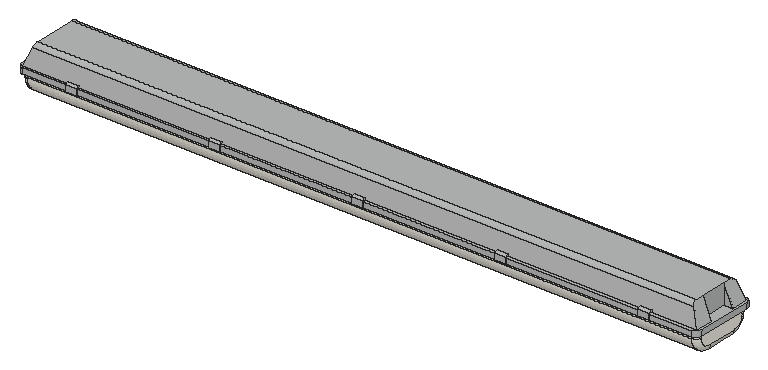
Revit family "SLIM", category Осветительные приборы, Revit 2019 (continued)
Types (5, lengths in mm): name | Файл фотометрической сетки | built-in parameter 1150142 | ADSK_Обозначение | ADSK_Наименование | ADSK_Код изделия
    5 1346.876 1330.587 1312.100 1290.915 1268.730 1243.847 1217.865 1189.884 1161.503 1131.024 1097.447 1061.972 \r\n1026.096 987.223 947.650 907.578 864.707 823.036 779.865 735.196 695.323 655.450 616.577 576.904 537.032 497.159 456.787 415.115 373.744 333.471 290.801 252.427 215.352 180.876 \r\n148.298 119.518 94.835 74.849 60.658 50.965 46.668 42.771 39.573 35.975 33.077 30.279 27.781 25.582 23.584 21.685 20.086 18.487 17.088 15.789 5.896 5.396 4.897 4.397 3.997 3.598 3.298 2.998 \r\n2.698 2.398 2.198 1.799 1.299 0.899 0.400 0.000 \r\n1407.335 1402.638 1395.243 1385.850 1376.356 1363.965 1348.475 1332.386 1314.099 1293.113 1270.928 1246.245 1220.563 1193.082 1165.001 1134.822 1101.545 1066.469 \r\n1030.793 992.120 952.846 913.074 870.403 828.931 785.761 741.092 701.119 661.346 622.573 583.300 543.727 504.054 463.682 421.811 380.339 339.767 297.096 258.423 221.048 186.372 \r\n153.595 124.515 99.732 79.446 64.955 54.862 50.266 45.968 42.371 38.574 35.376 32.478 29.780 27.381 25.183 23.184 21.385 19.786 18.188 16.788 7.095 6.396 5.796 5.296 4.797 4.397 3.997 3.598 \r\n3.298 2.898 2.598 2.099 1.599 0.999 0.500 0.000 \r\n1407.335 1402.638 1395.343 1386.249 1377.155 1365.164 1349.974 1334.185 1316.097 1295.212 1273.127 1248.544 1223.261 1196.180 1168.499 1138.619 1105.642 1070.866 \r\n1035.490 997.016 957.943 918.470 876.099 834.827 791.657 747.088 706.915 667.242 628.569 589.596 550.323 510.850 470.577 428.606 386.935 346.163 303.292 264.319 226.744 191.868 \r\n158.791 129.611 104.528 84.142 69.253 58.860 53.763 49.166 45.269 41.172 37.774 34.576 31.778 29.180 26.882 24.683 22.784 20.986 19.387 17.888 8.294 7.495 6.795 6.196 5.596 5.097 4.597 4.197 \r\n3.797 3.398 3.098 2.398 1.799 1.199 0.600 0.000 \r\n1407.335 1402.638 1395.443 1386.749 1378.055 1366.463 1351.473 1335.984 1318.096 1297.410 1275.425 1250.942 1225.959 1199.277 1171.996 1142.416 1109.839 1075.362 \r\n1040.187 1002.013 963.139 923.966 881.795 840.623 797.653 753.084 712.711 673.138 634.565 595.991 557.018 517.745 477.473 435.401 393.530 352.558 309.488 270.215 232.441 197.365 \r\n164.087 134.708 109.425 88.739 73.550 62.757 57.361 52.364 48.167 43.770 40.172 36.775 33.677 30.979 28.480 26.182 24.183 22.285 20.586 18.987 9.394 8.594 7.795 7.095 6.396 5.796 5.296 4.797 \r\n4.397 3.897 3.498 2.798 2.099 1.399 0.700 0.000 \r\n1407.335 1402.638 1395.543 1387.149 1378.854 1367.662 1352.972 1337.683 1320.095 1299.609 1277.624 1253.340 1228.657 1202.475 1175.494 1146.214 1113.936 1079.759 \r\n1044.883 1006.909 968.336 929.463 887.591 846.519 803.549 758.979 718.607 678.934 640.661 602.387 563.613 524.640 484.468 442.197 400.026 358.954 315.783 276.211 238.237 202.861 \r\n169.384 139.704 114.322 93.336 77.847 66.754 60.858 55.562 50.965 46.368 42.471 38.873 35.676 32.778 30.179 27.781 25.582 23.584 21.785 19.986 10.593 9.593 8.794 7.995 7.295 6.595 5.996 5.396 \r\n4.897 4.397 3.897 3.198 2.398 1.599 0.799 0.000 \r\n1407.335 1402.638 1395.643 1387.548 1379.654 1368.861 1354.471 1339.481 1322.093 1301.707 1279.922 1255.739 1231.256 1205.573 1178.991 1150.011 1118.133 1084.256 \r\n1049.680 1011.806 973.532 934.859 893.287 852.415 809.445 764.975 724.403 684.830 646.656 608.683 570.209 531.535 491.363 448.892 406.621 365.249 321.979 282.107 243.933 208.257 \r\n174.580 144.801 119.118 97.933 82.144 70.751 64.356 58.760 53.863 48.966 44.869 41.072 37.574 34.576 31.778 29.280 26.981 24.883 22.884 21.086 11.792 10.693 9.693 8.894 8.094 7.295 6.595 \r\n5.996 5.396 4.897 4.397 3.498 2.598 1.799 0.899 0.000 \r\n1407.335 1402.638 1395.743 1388.048 1380.553 1370.060 1355.970 1341.280 1323.992 1303.906 1282.121 1258.037 1233.954 1208.771 1182.389 1153.809 1122.230 1088.753 \r\n1054.377 1016.703 978.629 940.355 898.983 858.211 815.341 770.871 730.199 690.726 652.652 615.078 576.904 538.431 498.258 455.687 413.217 371.645 328.175 288.002 249.629 213.753 \r\n179.877 149.797 124.015 102.630 86.441 74.649 67.953 61.958 56.761 51.565 47.168 43.170 39.573 36.375 33.377 30.779 28.381 26.082 24.083 22.185 12.991 11.792 10.693 9.793 8.894 7.995 7.295 \r\n6.595 5.996 5.396 4.797 3.897 2.898 1.899 0.999 0.000 \r\n1407.335 1402.638 1395.843 1388.448 1381.353 1371.260 1357.469 1343.079 1325.991 1306.104 1284.419 1260.436 1236.652 1211.869 1185.887 1157.606 1126.427 1093.150 \r\n1059.074 1021.699 983.825 945.851 904.680 864.107 821.337 776.867 736.095 696.622 658.748 621.374 583.500 545.326 505.154 462.483 419.812 378.041 334.471 293.898 255.325 219.250 \r\n185.173 154.894 128.812 107.226 90.738 78.646 71.451 65.155 59.659 54.163 49.566 45.369 41.571 38.174 35.076 32.278 29.780 27.381 25.183 23.184 14.190 12.791 11.692 10.693 9.693 8.794 7.995 \r\n7.195 6.496 5.896 5.296 4.197 3.198 2.099 0.999 0.000 \r\n1407.335 1402.738 1396.043 1388.847 1382.152 1372.559 1358.968 1344.778 1327.989 1308.203 1286.618 1262.834 1239.350 1214.967 1189.384 1161.403 1130.525 1097.647 \r\n1063.770 1026.596 989.022 951.248 910.376 870.003 827.233 782.863 741.891 702.518 664.744 627.769 590.195 552.221 512.049 469.278 426.408 384.336 340.666 299.894 261.021 224.746 \r\n190.469 159.890 133.708 111.823 95.035 82.543 75.049 68.253 62.457 56.761 51.964 47.467 43.470 39.973 36.775 33.777 31.179 28.680 26.382 24.283 15.389 13.890 12.691 11.592 10.493 9.493 \r\n8.594 7.795 7.095 6.396 5.696 4.597 3.398 2.298 1.099 0.000 \r\n1407.335 1402.738 1396.142 1389.247 1383.051 1373.758 1360.467 1346.576 1329.988 1310.401 1288.916 1265.232 1241.948 1218.165 1192.882 1165.201 1134.722 1102.044 \r\n1068.467 1031.493 994.118 956.744 916.172 875.799 833.129 788.759 747.687 708.414 670.740 634.165 596.791 559.017 519.044 476.073 432.903 390.732 346.862 305.790 266.717 230.242 \r\n195.666 164.987 138.505 116.520 99.332 86.541 78.546 71.451 65.355 59.359 54.263 49.566 45.469 41.771 38.374 35.276 32.578 29.979 27.581 25.283 16.489 14.990 13.591 12.491 11.292 10.193 \r\n9.294 8.394 7.595 6.895 6.096 4.897 3.697 2.398 1.199 0.000 \r\n1407.335 1402.738 1396.242 1389.747 1383.851 1374.957 1361.966 1348.375 1331.986 1312.600 1291.115 1267.531 1244.646 1221.262 1196.379 1168.998 1138.819 1106.541 \r\n1073.264 1036.489 999.315 962.140 921.868 881.695 839.025 794.755 753.483 714.310 676.736 640.461 603.486 565.912 525.939 482.769 439.499 397.128 353.158 311.686 272.413 235.638 \r\n200.962 170.083 143.402 121.117 103.629 90.438 82.144 74.649 68.253 61.958 56.661 51.764 47.368 43.570 39.973 36.775 33.977 31.179 28.780 26.382 17.688 16.089 14.590 13.391 12.092 10.992 \r\n9.893 8.994 8.194 7.395 6.595 5.296 3.897 2.598 1.299 0.000 \r\n1407.335 1402.738 1396.342 1390.147 1384.750 1376.156 1363.465 1350.074 1333.985 1314.698 1293.413 1269.929 1247.345 1224.460 1199.877 1172.796 1143.016 1111.038 \r\n1077.961 1041.386 1004.511 967.636 927.564 887.591 844.921 800.751 759.379 720.106 682.832 646.856 610.082 572.807 532.835 489.564 446.094 403.423 359.354 317.582 278.109 241.135 \r\n206.259 175.080 148.198 125.714 107.926 94.435 85.641 77.847 71.051 64.556 58.960 53.863 49.366 45.269 41.671 38.374 35.376 32.478 29.880 27.481 18.887 17.088 15.589 14.190 12.891 11.692 \r\n10.593 9.593 8.694 7.795 6.995 5.596 4.197 2.798 1.399 0.000 \r\n1407.335 1402.738 1396.442 1390.546 1385.550 1377.455 1365.064 1351.873 1335.984 1316.897 1295.611 1272.327 1250.043 1227.558 1203.375 1176.593 1147.113 1115.435 \r\n1082.657 1046.282 1009.708 973.133 933.260 893.387 850.916 806.647 765.175 726.002 688.828 653.252 616.677 579.702 539.730 496.360 452.690 409.819 365.549 323.578 283.805 246.631 \r\n211.455 180.176 153.095 130.411 112.223 98.432 89.139 81.044 73.949 67.154 61.358 56.062 51.365 47.068 43.270 39.873 36.775 33.777 31.079 28.480 20.086 18.188 16.589 15.090 13.691 12.392 \r\n11.292 10.193 9.194 8.294 7.395 5.996 4.497 2.998 1.499 0.000 \r\n1407.335 1402.738 1396.542 1391.046 1386.349 1378.654 1366.563 1353.672 1337.982 1319.095 1297.910 1274.726 1252.741 1230.756 1206.872 1180.390 1151.210 1119.932 \r\n1087.354 1051.179 1014.804 978.529 938.956 899.283 856.812 812.643 770.971 731.898 694.823 659.548 623.372 586.598 546.625 503.155 459.285 416.215 371.845 329.474 289.501 252.127 \r\n216.751 185.173 157.892 135.007 116.520 102.330 92.736 84.242 76.847 69.752 63.756 58.160 53.263 48.866 44.969 41.372 38.174 35.076 32.278 29.580 21.285 19.287 17.488 15.989 14.490 13.191 \r\n11.892 10.793 9.793 8.794 7.895 6.296 4.697 3.198 1.599 0.000 \r\n1407.335 1402.838 1396.642 1391.446 1387.249 1379.854 1368.062 1355.470 1339.881 1321.194 1300.108 1277.124 1255.339 1233.854 1210.370 1184.288 1155.408 1124.429 \r\n1092.051 1056.176 1020.000 984.025 944.652 905.079 862.708 818.539 776.867 737.794 700.919 665.943 629.968 593.393 553.620 509.850 465.781 422.510 378.041 335.370 295.198 257.623 \r\n222.048 190.270 162.788 139.604 120.817 106.327 96.234 87.440 79.745 72.350 66.055 60.359 55.262 50.665 46.568 42.871 39.573 36.375 33.377 30.579 22.385 20.386 18.487 16.888 15.290 13.890 \r\n12.591 11.392 10.293 9.294 8.294 6.695 4.997 3.298 1.699 0.000 \r\n1407.335 1402.838 1396.842 1391.845 1388.048 1381.053 1369.561 1357.169 1341.880 1323.392 1302.407 1279.423 1258.037 1236.952 1213.867 1188.085 1159.505 1128.826 \r\n1096.848 1061.072 1025.197 989.521 950.348 910.975 868.604 824.535 782.663 743.690 706.915 672.339 636.663 600.288 560.516 516.646 472.376 428.906 384.236 341.366 300.994 263.020 \r\n227.244 195.266 167.685 144.301 125.114 110.224 99.832 90.638 82.543 74.949 68.453 62.457 57.261 52.464 48.267 44.370 40.972 37.574 34.576 31.678 23.584 21.385 19.487 17.788 16.089 14.590 \r\n13.191 11.992 10.893 9.793 8.794 6.995 5.296 3.498 1.799 0.000 \r\n1407.335 1402.838 1396.942 1392.245 1388.947 1382.252 1371.060 1358.968 1343.878 1325.491 1304.605 1281.821 1260.735 1240.149 1217.365 1191.883 1163.702 1133.323 \r\n1101.545 1065.969 1030.293 994.918 956.144 916.871 874.600 830.530 788.459 749.586 712.911 678.635 643.259 607.184 567.411 523.441 478.972 435.301 390.532 347.262 306.690 268.516 \r\n232.541 200.363 172.482 148.898 129.411 114.222 103.329 93.836 85.441 77.547 70.751 64.656 59.159 54.263 49.866 45.869 42.371 38.873 35.775 32.778 24.783 22.485 20.386 18.687 16.888 15.389 \r\n13.890 12.591 11.392 10.293 9.194 7.395 5.496 3.697 1.799 0.000 \r\n1407.335 1402.838 1397.042 1392.745 1389.747 1383.551 1372.559 1360.767 1345.877 1327.689 1306.904 1284.219 1263.433 1243.247 1220.863 1195.680 1167.799 1137.720 \r\n1106.241 1070.866 1035.490 1000.414 961.840 922.667 880.496 836.426 794.255 755.482 718.907 685.030 649.954 614.079 574.306 530.236 485.567 441.597 396.728 353.158 312.386 274.012 \r\n237.837 205.459 177.378 153.495 133.708 118.119 106.927 96.934 88.339 80.145 73.150 66.754 61.158 56.062 51.565 47.368 43.770 40.172 36.875 33.777 25.982 23.584 21.385 19.587 17.788 16.089 \r\n14.590 13.191 11.992 10.793 9.593 7.695 5.796 3.897 1.899 0.000 \r\n1407.335 1402.838 1397.142 1393.145 1390.546 1384.750 1374.058 1362.466 1347.876 1329.888 1309.102 1286.518 1266.132 1246.445 1224.360 1199.477 1171.996 1142.217 \r\n1110.938 1075.862 1040.686 1005.910 967.536 928.563 886.392 842.422 800.151 761.378 725.003 691.326 656.550 620.974 581.301 537.032 492.162 447.993 402.924 359.054 318.082 279.508 \r\n243.033 210.456 182.175 158.092 138.005 122.116 110.424 100.131 91.137 82.743 75.548 68.953 63.057 57.860 53.164 48.966 45.169 41.472 38.074 34.876 27.181 24.583 22.385 20.486 18.587 \r\n16.788 15.190 13.791 12.491 11.292 10.093 8.094 5.996 3.997 1.999 0.000 \r\n1407.335 1402.838 1397.242 1393.544 1391.446 1385.949 1375.557 1364.264 1349.874 1331.986 1311.301 1288.916 1268.730 1249.543 1227.758 1203.275 1176.093 1146.714 \r\n1115.635 1080.759 1045.883 1011.306 973.233 934.459 892.288 848.418 805.947 767.274 730.999 697.721 663.145 627.869 588.197 543.727 498.658 454.388 409.219 365.050 323.778 285.005 \r\n248.330 215.552 187.072 162.788 142.302 126.114 114.022 103.329 94.036 85.341 77.847 71.051 65.055 59.659 54.862 50.465 46.568 42.671 39.273 35.975 28.381 25.682 23.384 21.385 19.387 \r\n17.488 15.889 14.390 13.091 11.792 10.493 8.394 6.296 4.197 2.099 0.000 \r\n1407.335 1402.838 1397.342 1394.044 1392.245 1387.149 1377.056 1366.063 1351.873 1334.185 1313.599 1291.314 1271.428 1252.741 1231.256 1207.072 1180.291 1151.111 \r\n1120.432 1085.655 1050.979 1016.803 978.929 940.255 898.184 854.314 811.743 773.070 736.995 704.117 669.841 634.765 595.092 550.522 505.253 460.684 415.415 370.946 329.474 290.401 \r\n253.626 220.549 191.868 167.385 146.599 130.011 117.519 106.527 96.934 87.940 80.245 73.150 67.054 61.458 56.461 51.964 47.967 43.970 40.372 36.975 29.480 26.782 24.283 22.285 20.186 \r\n18.287 16.589 14.990 13.591 12.292 10.992 8.794 6.595 4.397 2.198 0.000 \r\n1407.335 1402.938 1397.442 1394.444 1393.045 1388.448 1378.555 1367.862 1353.871 1336.383 1315.798 1293.713 1274.126 1255.839 1234.753 1210.870 1184.388 1155.607 \r\n1125.128 1090.652 1056.176 1022.199 984.625 946.151 904.180 860.310 817.639 778.966 743.090 710.413 676.436 641.560 601.987 557.318 511.849 467.080 421.611 376.842 335.170 295.897 \r\n258.822 225.645 196.765 171.982 150.897 134.008 121.117 109.725 99.832 90.538 82.543 75.348 68.953 63.257 58.160 53.463 49.366 45.269 41.571 38.074 30.679 27.781 25.283 23.184 20.986 \r\n18.987 17.188 15.589 14.190 12.791 11.392 9.094 6.795 4.597 2.298 0.000 \r\n1407.335 1402.938 1397.641 1394.843 1393.944 1389.647 1380.054 1369.561 1355.870 1338.482 1318.096 1296.111 1276.824 1258.937 1238.251 1214.667 1188.585 1160.004 \r\n1129.825 1095.549 1061.372 1027.695 990.321 952.047 910.076 866.206 823.435 784.862 749.086 716.808 683.131 648.455 608.982 564.113 518.444 473.475 427.907 382.738 340.866 301.393 \r\n264.119 230.642 201.662 176.679 155.194 137.905 124.615 112.923 102.630 93.136 84.942 77.447 70.951 65.055 59.759 54.962 50.665 46.568 42.771 39.173 31.878 28.880 26.282 23.984 21.785 \r\n19.686 17.888 16.189 14.690 13.191 11.792 9.493 7.095 4.697 2.398 0.000 \r\n1407.335 1402.938 1397.741 1395.243 1394.743 1390.846 1381.652 1371.359 1357.869 1340.681 1320.294 1298.409 1279.522 1262.134 1241.748 1218.464 1192.682 1164.501 \r\n1134.522 1100.445 1066.469 1033.191 996.117 957.843 915.972 872.202 829.231 790.758 755.082 723.204 689.727 655.351 615.878 570.809 525.040 479.871 434.102 388.733 346.562 306.890 \r\n269.415 235.738 206.458 181.276 159.491 141.903 128.112 116.120 105.528 95.734 87.340 79.645 72.850 66.854 61.458 56.461 52.064 47.767 43.870 40.172 33.077 29.979 27.281 24.883 22.585 \r\n20.486 18.587 16.788 15.190 13.691 12.292 9.793 7.395 4.897 2.398 0.000 \r\n1407.335 1402.938 1397.841 1395.743 1395.643 1392.045 1383.151 1373.158 1359.767 1342.879 1322.593 1300.808 1282.121 1265.232 1245.246 1222.262 1196.779 1168.998 \r\n1139.219 1105.442 1071.665 1038.588 1001.813 963.739 921.868 878.198 835.027 796.654 761.078 729.500 696.422 662.246 622.773 577.604 531.635 486.167 440.298 394.629 352.258 312.386 \r\n274.612 240.835 211.355 185.873 163.788 145.900 131.710 119.318 108.426 98.333 89.639 81.744 74.849 68.653 63.057 57.960 53.463 49.066 45.069 41.272 34.276 31.079 28.181 25.782 23.384 \r\n21.185 19.187 17.388 15.789 14.190 12.691 10.193 7.595 5.097 2.498 0.000 \r\n1407.335 1402.938 1397.941 1396.142 1396.442 1393.244 1384.650 1374.857 1361.766 1344.978 1324.791 1303.206 1284.819 1268.430 1248.744 1226.059 1200.976 1173.395 \r\n1144.015 1110.338 1076.861 1044.084 1007.509 969.535 927.764 884.094 840.923 802.550 767.174 735.895 703.018 669.141 629.668 584.399 538.131 492.562 446.594 400.525 357.955 317.782 \r\n279.908 245.831 216.152 190.569 168.085 149.797 135.207 122.516 111.224 100.931 92.037 83.942 76.847 70.452 64.756 59.559 54.862 50.365 46.268 42.271 35.376 32.078 29.180 26.682 24.183 \r\n21.885 19.886 17.988 16.289 14.690 13.191 10.493 7.895 5.296 2.598 0.000 \r\n1407.335 1402.938 1398.041 1396.542 1397.242 1394.544 1386.149 1376.656 1363.765 1347.176 1327.090 1305.605 1287.517 1271.528 1252.241 1229.857 1205.074 1177.892 \r\n1148.712 1115.235 1082.058 1049.480 1013.205 975.431 933.760 890.090 846.719 808.446 773.170 742.291 709.713 676.036 636.563 591.195 544.726 498.958 452.789 406.521 363.651 323.278 \r\n285.204 250.928 221.048 195.166 172.382 153.795 138.805 125.714 114.122 103.529 94.335 86.041 78.746 72.250 66.354 61.058 56.261 51.665 47.368 43.370 36.575 33.177 30.179 2
